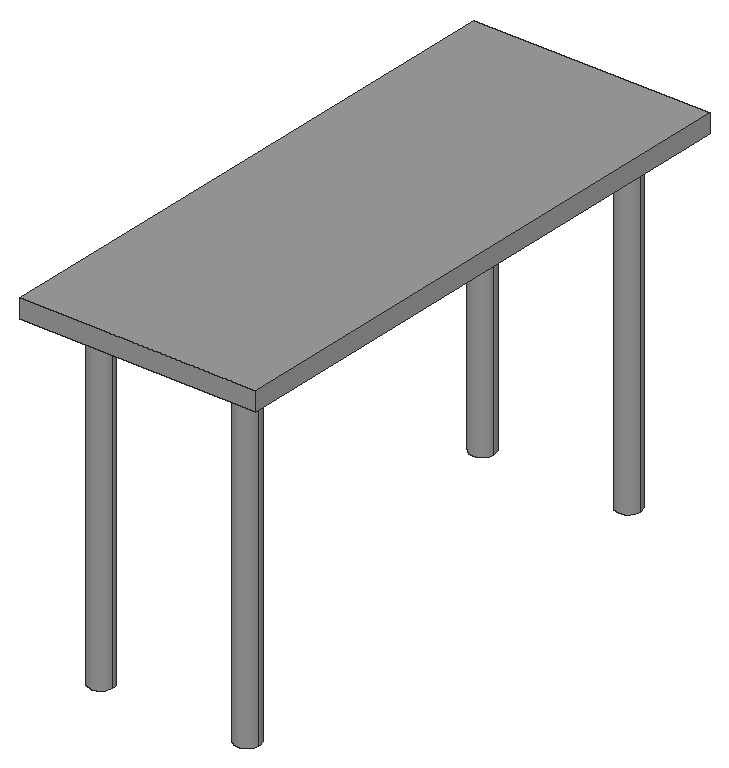
Revit family "AVLN_Стол", category Мебель, Revit 2019
Family settings
  Номер OmniClass = 23.40.20.00
  Заголовок OmniClass = General Furniture and Specialties
  На основе рабочей плоскости = Нет
  Всегда вертикально = Да
  При загрузке вырезать с полостями = Нет
  Общий = Нет
  Точка расчета площади = Нет
Parameters (values of type "Стол кухонный")
  Столешница толщина = 40 mm
  Радиус ножки = 25 mm
  Описание = "Стол, меламин с кантом или кромкой 1200х500х740"
  Ножки смещение = 95 mm
  М.основы = По умолчанию
  М.ножек = По умолчанию
  Type Comments = ""
  Keynote = ""
  Manufacturer = ""
  Группа модели = "Оборудование поликлиники"
  ADSK_Размер_Ширина = 1200 mm
  ADSK_Размер_Длина = 500 mm
  ADSK_Размер_Высота = 740 mm
  ADSK_Примечание [instance] = ""
  ADSK_Обозначение = ""
  ADSK_Наименование = "Стол, меламин с кантом или кромкой 1200х500х740"
  ADSK_Масса = 0
  ADSK_Марка = ""
  ADSK_Код изделия = ""
  ADSK_Единица измерения = "шт"  # constant formula
Types (3, lengths in mm): name | Описание | ADSK_Размер_Ширина | ADSK_Размер_Длина | ADSK_Наименование
  (no name) | "Стол, меламин с кантом или кромкой 1200х500х740" | 1200 | 500 | "Стол, меламин с кантом или кромкой 1200х500х740"
  Стол с кромкой 600х600х740 | "Стол, меламин с кантом или кромкой 600х600х740" | 600 | 800 | "Стол, меламин с кантом или кромкой 600х600х740"
  Стол кухонный | "Стол, меламин с кантом или кромкой 1200х500х740" | 1200 | 500 | "Стол, меламин с кантом или кромкой 1200х500х740"
Reference planes
  plane 1 "По центру (Вперед/Назад)": y = 0
  plane 2: z = 0
  plane 3 "По центру (Влево/Вправо)": x = 0
  plane 4: z = 740
  plane 5: y = 600
  plane 6: x = 250
  plane 7: x = -250
  plane 8: y = -600
  plane 9: y = -505
  plane 10: y = 505
  plane 11: x = -155
  plane 12: x = 155
Forms (mm)
  Extrusion 1, solid, material "По умолчанию" <- "М.основы"
    sketch origin (0, -518.993, 592.976) x (-1, 0, 0) y (0, -1, 0)
      loop
        line (250, -1118.993) -> (250, 81.007) -> (-250, 81.007) -> (-250, -1118.993) -> (250, -1118.993)
    from 107.024 to 147.024
  Extrusion 2, solid, material "По умолчанию" <- "М.ножек"
    sketch origin (31.058, -596.267, 592.976) x (-1, 0, 0) y (0, -1, 0)
      loop
        circle (186.058, -1101.267) r 25
    from -592.976 to 107.024
  Extrusion 3, solid, material "По умолчанию" <- "М.ножек"
    sketch origin (379.141, -632.852, 592.976) x (-1, 0, 0) y (0, -1, 0)
      loop
        circle (224.141, -1137.852) r 25
    from -592.976 to 107.024
  Extrusion 4, solid, material "По умолчанию" <- "М.ножек"
    sketch origin (305.679, -1010.779, 592.976) x (-1, 0, 0) y (0, -1, 0)
      loop
        circle (150.679, -505.779) r 25
    from -592.976 to 107.024
  Extrusion 5, solid, material "По умолчанию" <- "М.ножек"
    sketch origin (-34.321, -1010.779, 592.976) x (-1, 0, 0) y (0, -1, 0)
      loop
        circle (120.679, -505.779) r 25
    from -592.976 to 107.024
Dimensions and locks
  plane 2 to plane 4 = 740 mm
  equal spacing: plane 8, plane 1 "По центру (Вперед/Назад)", plane 5
  equal spacing: plane 7, plane 3 "По центру (Влево/Вправо)", plane 6
  "ADSK_Размер_Длина": plane 7 to plane 6
  "ADSK_Размер_Ширина": plane 5 to plane 8
  "ADSK_Размер_Высота": plane 2 to plane 4
  "Ножки смещение": plane 9 to plane 8
  "Столешница толщина": Extrusion 1 to plane 4
  "Ножки смещение": plane 5 to plane 10
  "Ножки смещение": plane 7 to plane 11
  "Ножки смещение": plane 12 to plane 6
  "Радиус ножки": radius of Extrusion 2 sketch curve
  "Радиус ножки": radius of Extrusion 3 sketch curve
  "Радиус ножки": radius of Extrusion 4 sketch curve
  "Радиус ножки": radius of Extrusion 5 sketch curve
  aligned and locked: level to plane 2
  aligned and locked: Extrusion 1 sketch curve to plane 5
  aligned and locked: Extrusion 1 sketch curve to plane 7
  aligned and locked: Extrusion 1 sketch curve to plane 6
  aligned and locked: plane 8 to Extrusion 1 sketch curve
  aligned and locked: Extrusion 1 to plane 4
  aligned and locked: plane 11 to Extrusion 2 sketch curve
  aligned and locked: plane 10 to Extrusion 2 sketch curve
  aligned and locked: plane 12 to Extrusion 3 sketch curve
  aligned and locked: plane 10 to Extrusion 3 sketch curve
  aligned and locked: plane 9 to Extrusion 4 sketch curve
  aligned and locked: Extrusion 4 sketch curve to plane 12
  aligned and locked: Extrusion 5 sketch curve to plane 11
  aligned and locked: plane 9 to Extrusion 5 sketch curve
  aligned and locked: Extrusion 3 to plane 2
  aligned and locked: Extrusion 4 to plane 2
  aligned and locked: Extrusion 2 to plane 2
  aligned and locked: Extrusion 5 to plane 2
  aligned and locked: Extrusion 2 to Extrusion 1
  aligned and locked: Extrusion 5 to Extrusion 1
  aligned and locked: Extrusion 3 to Extrusion 1
  aligned and locked: Extrusion 4 to Extrusion 1
